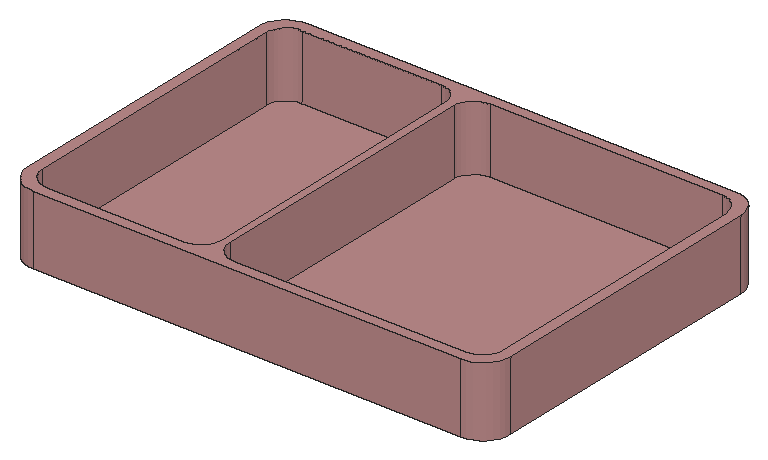
Revit family "76131 - EPIX TRAY", category Furniture, Revit 2018
Family settings
  OmniClass Number = 23.40.20.00
  OmniClass Title = General Furniture and Specialties
  Work Plane-Based = No
  Always vertical = Yes
  Cut with Voids When Loaded = No
  Shared = No
  Room Calculation Point = No
Parameters
  URL = "http://www.keilhauer.com/"
  Model = "76131"
  Manufacturer = "Keilhauer"
  Description = "TRAY"
Reference planes
  plane 1 "Center (Front/Back)": y = 0
  plane 2: z = 0
  plane 3 "Center (Left/Right)": x = 0
Forms (mm)
  Extrusion 1, solid, material "#Felt"
    sketch origin (0, 0, 0) x (1, 0, 0) y (0, 1, 0)
      loop
        arc (-153.788, 123.244) -> (-167.905, 117.397) -> (-173.752, 103.28) r 19.964
        line (-173.752, 103.28) -> (-173.752, -103.28)
        arc (-173.752, -103.28) -> (-167.905, -117.397) -> (-153.788, -123.244) r 19.964
        line (-153.788, -123.244) -> (153.788, -123.244)
        arc (153.788, -123.244) -> (167.905, -117.397) -> (173.752, -103.28) r 19.964
        line (173.752, -103.28) -> (173.752, 103.269)
        arc (173.752, 103.269) -> (167.908, 117.393) -> (153.788, 123.244) r 19.964
        line (153.788, 123.244) -> (-153.788, 123.244)
    from 0 to 50
  Extrusion 2, void
    sketch origin (0, 0, 0) x (1, 0, 0) y (0, 1, 0)
      loop
        line (-51.317, 115.287) -> (-151.317, 115.287)
        arc (-151.317, 115.287) -> (-161.627, 111.017) -> (-165.897, 100.707) r 14.58
        line (-165.897, 100.707) -> (-165.897, -100.351)
        arc (-165.897, -100.351) -> (-161.51, -110.942) -> (-150.92, -115.329) r 14.978
        line (-150.92, -115.329) -> (-50.92, -115.329)
        arc (-50.92, -115.329) -> (-40.702, -111.096) -> (-36.47, -100.879) r 14.45
        line (-36.47, -100.879) -> (-36.47, 100.44)
        arc (-36.47, 100.44) -> (-40.819, 110.939) -> (-51.317, 115.287) r 14.847
    from 2.997 to 50
  Extrusion 3, void
    sketch origin (135, 0, 0) x (1, 0, 0) y (0, 1, 0)
      loop
        line (15.87, 115.287) -> (-151.317, 115.287)
        arc (-151.317, 115.287) -> (-161.627, 111.017) -> (-165.897, 100.707) r 14.58
        line (-165.897, 100.707) -> (-165.897, -100.351)
        arc (-165.897, -100.351) -> (-161.51, -110.942) -> (-150.92, -115.329) r 14.978
        line (-150.92, -115.329) -> (16.268, -115.329)
        arc (16.268, -115.329) -> (26.485, -111.096) -> (30.717, -100.879) r 14.45
        line (30.717, -100.879) -> (30.717, 100.44)
        arc (30.717, 100.44) -> (26.369, 110.939) -> (15.87, 115.287) r 14.847
    from 2.997 to 50
  Sweep 4, void
    path origin (0, 0, 0) x (1, 0, 0) y (0, 1, 0)
      loop
        line (153.769, 120.243) -> (-153.769, 120.243)
        arc (-153.769, 120.243) -> (-165.777, 115.269) -> (-170.751, 103.261) r 16.982
        line (-170.751, 103.261) -> (-170.751, -103.261)
        arc (-170.751, -103.261) -> (-165.777, -115.269) -> (-153.769, -120.243) r 16.982
        line (-153.769, -120.243) -> (153.769, -120.243)
        arc (153.769, -120.243) -> (165.777, -115.269) -> (170.751, -103.261) r 16.982
        line (170.751, -103.261) -> (170.751, 103.261)
        arc (170.751, 103.261) -> (165.777, 115.269) -> (153.769, 120.243) r 16.982
    profile origin (0, 120.243, 0) x (0, -1, 0) y (0, 0, 1)
      loop
        line (-1.277, 47.613) -> (-1.277, -0.625) -> (3.723, -0.625) -> (3.723, 47.613) -> (-1.277, 47.613)
Cuts and joins
  Extrusion 2, Extrusion 3, Sweep 4 cuts Extrusion 1
Dimensions and locks
  aligned and locked: level to plane 2
